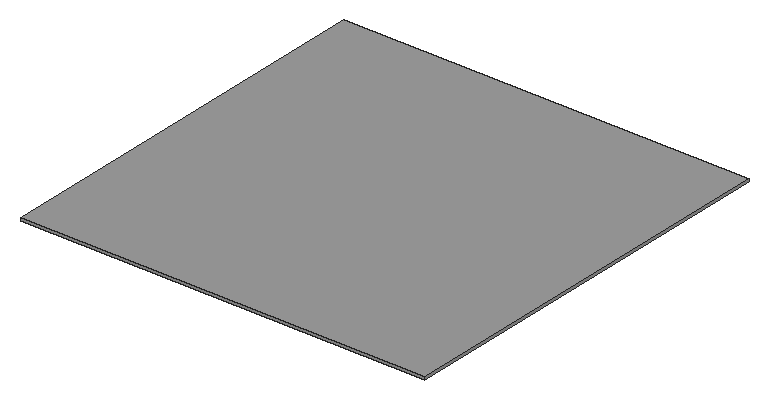
Revit family "WM-MN Suspended Ceiling 25mm Family", category Generic Models, host Ceiling, Revit 2017
Family settings
  Host = Ceiling
  Can host rebar = No
  Round Connector Dimension = Use Diameter
  Part Type = Normal
  Always vertical = Yes
  Cut with Voids When Loaded = No
  Shared = No
  Room Calculation Point = No
Parameters (values of type "Lambdaboard")
  Width = 4000 mm
  URL = "www.rigifoam.com"
  Type Comments = "duncan@rigifoam.com"
  Thermal Resistance = 1.0400 (m²·K)/W
  Thermal Conductivity = 0.0240 W/(m·K)
  Model = "WM/MN Suspemded 25mm"
  Material = Polyisocyanurate
  Manufacturer = "Lambdaboard"
  Length = 4000 mm
  Description = "Flexible PIR Insulation"
  Depth = 25 mm
  Density = 40.0000 kg/m³
Reference planes
  plane 1 "Center (Front/Back)": y = 0
  plane 2: z = 0
  plane 3 "Center (Left/Right)": x = 0
  plane 4 "Ceiling": z = 4000
Forms (mm)
  Extrusion 1, solid, material "Polyisocyanurate" <- "Material"
    sketch origin (0, 0, 4000) x (0, 1, 0) y (-1, 0, 0)
      loop
        line (2000, 2000) -> (-2000, 2000) -> (-2000, -2000) -> (2000, -2000) -> (2000, 2000)
    from -25 to 0
Dimensions and locks
  equal spacing: host sketch curve, plane 3 "Center (Left/Right)", host sketch curve
  equal spacing: host sketch curve, plane 1 "Center (Front/Back)", host sketch curve
  host sketch curve to host sketch curve = 4000 mm  (x2)
  plane 4 "Ceiling" to host ceiling = 0 mm
  "Length": Extrusion 1 to Extrusion 1
  equal spacing: Extrusion 1, plane 3 "Center (Left/Right)", Extrusion 1
  "Width": Extrusion 1 to Extrusion 1
  "Depth": Extrusion 1 to Extrusion 1
Automatic sketch dimensions
  plane 1 "Center (Front/Back)" to Extrusion 1 sketch curve = 2000 mm
  Extrusion 1 sketch curve to plane 1 "Center (Front/Back)" = 2000 mm
  plane 3 "Center (Left/Right)" to Extrusion 1 sketch curve = 2000 mm
  Extrusion 1 sketch curve to plane 3 "Center (Left/Right)" = 2000 mm
